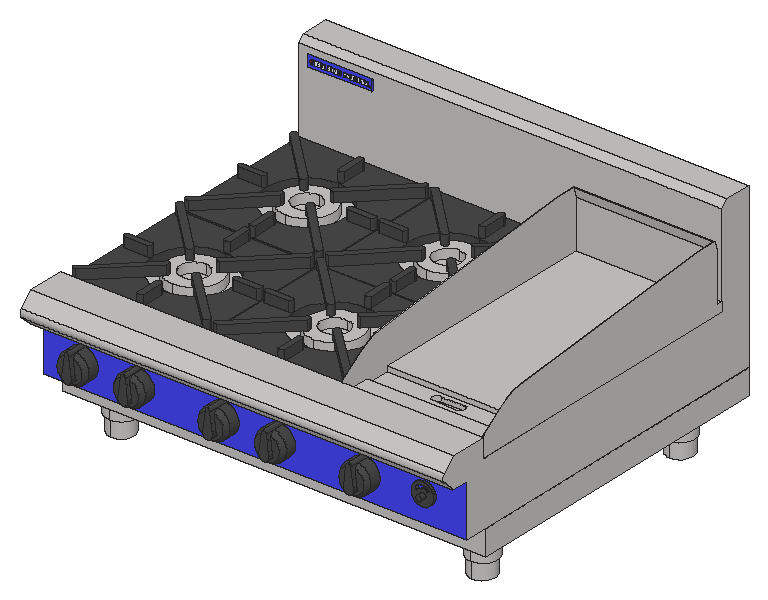
Revit family "QF_MOFFAT_BLUESEAL_CE_G516C-B", category Specialty Equipment, Revit 2012 (continued)
Definition of nested family "GAS BURNER 600 & GRIDDLE 300"
  Definition of nested family "GAS BURNER 600"
    Automatic sketch dimensions
      curve 137 to curve 204 = 0 mm  (x2)
      curve 137 to curve 204 = 8.936 mm
      curve 137 to curve 205 = 0 mm
      curve 205 to curve 140 = 18.13 mm
      curve 206 to curve 205 = 8.937 mm
      curve 206 to curve 205 = 9.165 mm
      curve 137 to curve 206 = 0 mm  (x2)
      curve 138 to curve 201 = 11.124 mm
      curve 139 to curve 202 = 0 mm  (x2)
      curve 202 to curve 202 = 1.784 mm
      curve 137 to curve 208 = 0 mm
      curve 203 to curve 204 = 20.253 mm
      curve 208 to curve 204 = 9.136 mm
      curve 208 to curve 204 = 8.967 mm
      curve 139 to curve 207 = 0 mm
      curve 139 to curve 203 = 9.439 mm
      curve 202 to curve 207 = 4.893 mm
      curve 207 to curve 202 = 4.003 mm
      curve 206 to curve 138 = 9.138 mm
      curve 138 to curve 206 = 8.965 mm
      curve 201 to curve 202 = 2.762 mm
      curve 202 to curve 201 = 2.96 mm
      curve 206 to curve 201 = 18.412 mm
      curve 203 to curve 136 = 6.958 mm
      curve 200 to curve 203 = 8.655 mm
      curve 201 to curve 140 = 9.447 mm
      curve 179 to curve 209 = 0 mm
      curve 210 to curve 182 = 27.057 mm
      curve 179 to curve 210 = 0 mm  (x2)
      curve 180 to curve 197 = 25.774 mm
      curve 181 to curve 199 = 0 mm
      curve 180 to curve 198 = 16.335 mm
      curve 198 to curve 182 = 8.655 mm
      curve 198 to curve 169 = 6.958 mm
      curve 199 to curve 196 = 8.655 mm
      curve 196 to curve 199 = 9.447 mm
      curve 181 to curve 196 = 9.439 mm
      curve 181 to curve 196 = 8.668 mm
      curve 210 to curve 209 = 8.936 mm
      curve 195 to curve 194 = 9.138 mm
      curve 179 to curve 194 = 8.937 mm
      curve 194 to curve 179 = 9.165 mm
      curve 195 to curve 194 = 8.965 mm
      curve 35 to curve 187 = 0 mm  (x2)
      curve 2 to curve 187 = 13.126 mm
      curve 31 to curve 32 = 0 mm  (x2)
      curve 212 to curve 189 = 9.093 mm
      curve 31 to curve 212 = 0 mm
      curve 190 to curve 31 = 18.152 mm
      curve 31 to curve 213 = 0 mm  (x2)
      curve 29 to curve 214 = 19.967 mm
      curve 31 to curve 214 = 0 mm
      curve 31 to curve 215 = 0 mm  (x2)
      curve 32 to curve 192 = 19.959 mm
      curve 31 to curve 213 = 9.204 mm
      curve 29 to curve 192 = 0 mm
      curve 190 to curve 191 = 9.051 mm
      curve 214 to curve 213 = 8.97 mm
      curve 214 to curve 213 = 9.134 mm
      curve 29 to curve 191 = 9.081 mm
      curve 29 to curve 191 = 9.019 mm
      curve 32 to curve 189 = 10.878 mm
      curve 192 to curve 189 = 9.019 mm
      curve 215 to curve 32 = 8.969 mm
      curve 32 to curve 215 = 9.135 mm
      curve 215 to curve 212 = 9.203 mm
      curve 215 to curve 212 = 8.899 mm
      curve 189 to curve 30 = 9.051 mm  (x2)
      curve 37 to curve 186 = 0 mm  (x2)
      curve 187 to curve 186 = 19.847 mm
      curve 37 to curve 216 = 0 mm
      curve 216 to curve 186 = 8.969 mm
      curve 35 to curve 187 = 9.081 mm
      curve 193 to curve 188 = 9.081 mm
      curve 188 to curve 193 = 9.019 mm
      curve 37 to curve 217 = 0 mm  (x2)
      curve 38 to curve 193 = 10.886 mm
      curve 217 to curve 38 = 8.97 mm
      curve 38 to curve 217 = 9.134 mm
      curve 217 to curve 185 = 9.204 mm
      curve 216 to curve 186 = 9.135 mm
      curve 37 to curve 186 = 9.203 mm
      curve 186 to curve 37 = 8.899 mm
      curve 211 to curve 187 = 9.051 mm
      curve 187 to curve 87 = 8.754 mm
      curve 193 to curve 36 = 9.051 mm
      curve 2 to curve 211 = 8.601 mm
      radius of Extrusion 1 sketch curve = 84.082 mm  (x2)
      radius of Extrusion 4 sketch curve = 84.082 mm  (x2)
  Definition of nested family "GAS GRIDDLE PLATE 300"
    Parameters (values of type "GAS GRIDDLE PLATE 300")
      Width [instance] = 300 mm
      Weight in Pounds = 0
      URL Cutsheet = ""
      Type Mark [instance] = ""
      Status [instance] = ""
      Specification by User [instance] = ""
      Specification by Manufacturer = ""
      Serial Number = ""
      Seismic Rating = ""
      SMACNA No = ""
      Revision Code [instance] = ""
      Omniclass Number and Title = ""
      NAFEM Spec ID Number = ""
      Masterspec = ""
      Item Number [instance] = ""
      Installed By [instance] = ""
      Identify Quantity as Lot [instance] = yes
      Furnished By [instance] = ""
      Foodservice Equipment Identifier [instance] = yes
      Depth [instance] = 620 mm
      CSI MasterFormat = ""
      CSI Master Format = ""
    Reference planes
      plane 1 "BACK": y = 0
      plane 2: z = 0
      plane 3 "LEFT": x = 0
      plane 4 "RIGHT": x = 300
      plane 5 "FRONT": y = -620
      plane 6 "TOP": z = 142.5
      plane 7 "Center Y": x = 150
      plane 8 "Center X": y = -310
      plane 9: y = -530.997
      plane 10: y = -541.497
      plane 11: y = -503.25
      plane 12: y = -557.737
    Forms (mm)
      Extrusion 1, solid, material "QF_Finishes_Stainless Steel"
        sketch origin (0, 70.003, -874.5) x (0, 1, 0) y (0, 0, 1)
          loop
            line (-70, 875) -> (-70, 997.489) -> (-75.228, 1017) -> (-117.24, 1017) -> (-589.533, 971.523)
            arc (-589.533, 971.523) -> (-614.56, 965.803) -> (-637.306, 953.899) r 100
            line (-637.306, 953.899) -> (-690.003, 917) -> (-690.003, 875) -> (-70, 875)
        from 0 to 1.8
      Extrusion 2, solid, material "QF_Finishes_Stainless Steel"
        sketch origin (600, 70.003, -874.5) x (0, -1, 0) y (0, 0, 1)
          loop
            line (70, 875) -> (690.003, 875) -> (690.003, 917) -> (637.306, 953.899)
            arc (637.306, 953.899) -> (614.56, 965.803) -> (589.533, 971.523) r 100
            line (589.533, 971.523) -> (117.24, 1017) -> (75.228, 1017) -> (70, 997.489) -> (70, 875)
        from 300 to 301.2
      Extrusion 3, solid, material "QF_Finishes_Stainless Steel"
        sketch origin (150, 70.003, -874.5) x (0, 1, 0) y (0, 0, 1)
          loop
            line (-55, 895) -> (-573.253, 895) -> (-573.253, 884.5) -> (-627.74, 884.5) -> (-627.74, 895) -> (-690.003, 895) -> (-690.003, 875) -> (-55, 875) -> (-55, 895)
        from -148.2 to 150
      Extrusion 4, void
        sketch origin (150, -541.497, 10) x (0, -1, 0) y (1, 0, 0)
          loop
            arc (-7.497, 25) -> (-17.497, 35) -> (-27.497, 25) r 10
            line (-27.497, 25) -> (-27.497, -25)
            arc (-27.497, -25) -> (-17.497, -35) -> (-7.497, -25) r 10
            line (-7.497, -25) -> (-7.497, 25)
        from -41.4 to 40.142
      Extrusion 5, solid, material "QF_Finishes_Stainless Steel"
        sketch origin (0, 70.003, -874.5) x (0, 1, 0) y (0, 0, 1)
          loop
            line (-70, 875) -> (-70, 997.489) -> (-75.228, 1017) -> (-76.884, 1017) -> (-71.6, 997.278) -> (-71.6, 875) -> (-70, 875)
        from 0 to 298.8
    Cuts and joins
      Extrusion 4 cuts Extrusion 3
      joined: Extrusion 1, Extrusion 2, Extrusion 3, Extrusion 5
    Lines and regions (mm)
      symbolic lines
        curve 1: line (300, -503.25, 0) -> (0, -503.25, 0)
        curve 2: line (0, -557.737, 0) -> (300, -557.737, 0)
        curve 3: line (0, -1.68, 0) -> (300, -1.68, 0)
        curve 4: line (300, -1.68, 0) -> (300, -620, 0)
        curve 5: line (0, -620, 0) -> (0, -1.68, 0)
        curve 6: line (0, -620, 0) -> (300, -620, 0)
        curve 7: arc (175, -534, 0) -> (185, -524, 0) -> (175, -514, 0) r 10
        curve 8: line (175, -514, 0) -> (125, -514, 0)
        curve 9: arc (125, -514, 0) -> (115, -524, 0) -> (125, -534, 0) r 10
        curve 10: line (125, -534, 0) -> (175, -534, 0)
    Dimensions and locks
      equal spacing: plane 3 "LEFT", plane 7 "Center Y", plane 4 "RIGHT"
      "Width": plane 3 "LEFT" to plane 4 "RIGHT"
      equal spacing: plane 5 "FRONT", plane 8 "Center X", plane 1 "BACK"
      "Depth": plane 5 "FRONT" to plane 1 "BACK"
      locked: Extrusion 2 to Extrusion 2 at 1.2
      equal spacing: Extrusion 4 sketch curve, plane 7 "Center Y", Extrusion 4 sketch curve, locked at 35 each
      aligned and locked: level to plane 2
      aligned and locked: Extrusion 2 to plane 4 "RIGHT"
      aligned and locked: curve 1 to plane 11
      aligned and locked: plane 12 to curve 2
      aligned and locked: Extrusion 5 to cut or joined group of Extrusion 1, Extrusion 2, Extrusion 3, Extrusion 4, Extrusion 5
    Automatic sketch dimensions
      Extrusion 1 sketch curve to plane 5 "FRONT" = 0 mm
      Extrusion 1 sketch curve to plane 6 "TOP" = 0 mm
      plane 12 to Extrusion 1 sketch curve = 9.566 mm
      plane 11 to Extrusion 1 sketch curve = 16.28 mm
      Extrusion 1 sketch curve to level = 2.516 mm
      plane 11 to Extrusion 1 sketch curve = 6.695 mm
      plane 1 "BACK" to Extrusion 1 sketch curve = 47.237 mm
      plane 1 "BACK" to Extrusion 1 sketch curve = 5.225 mm
      Extrusion 1 sketch curve to plane 1 "BACK" = 0.003 mm
      level to Extrusion 1 sketch curve = 0.5 mm
      Extrusion 1 sketch curve to Extrusion 1 sketch curve = 42 mm
      Extrusion 1 sketch curve to plane 6 "TOP" = 63.101 mm
      Extrusion 1 sketch curve to plane 6 "TOP" = 19.511 mm
      Extrusion 2 sketch curve to plane 6 "TOP" = 0 mm
      Extrusion 2 sketch curve to plane 5 "FRONT" = 0 mm
      plane 12 to Extrusion 2 sketch curve = 9.566 mm
      plane 11 to Extrusion 2 sketch curve = 16.28 mm
      Extrusion 2 sketch curve to level = 2.516 mm
      plane 11 to Extrusion 2 sketch curve = 6.695 mm
      plane 1 "BACK" to Extrusion 2 sketch curve = 47.237 mm
      plane 1 "BACK" to Extrusion 2 sketch curve = 5.225 mm
      Extrusion 2 sketch curve to plane 1 "BACK" = 0.003 mm
      level to Extrusion 2 sketch curve = 0.5 mm
      Extrusion 2 sketch curve to Extrusion 2 sketch curve = 42 mm
      Extrusion 2 sketch curve to plane 6 "TOP" = 63.101 mm
      Extrusion 2 sketch curve to plane 6 "TOP" = 19.511 mm
      Extrusion 3 sketch curve to plane 5 "FRONT" = 0 mm
      Extrusion 3 sketch curve to plane 12 = 0 mm
      Extrusion 3 sketch curve to plane 11 = 0 mm
      Extrusion 3 sketch curve to plane 1 "BACK" = 15.003 mm
      level to Extrusion 3 sketch curve = 0.5 mm
      level to Extrusion 3 sketch curve = 10 mm
      Extrusion 3 sketch curve to Extrusion 3 sketch curve = 10.5 mm  (x2)
      plane 11 to Extrusion 4 sketch curve = 10.75 mm
      Extrusion 4 sketch curve to Extrusion 4 sketch curve = 10 mm
      Extrusion 4 sketch curve to plane 7 "Center Y" = 25 mm
      plane 1 "BACK" to Extrusion 5 sketch curve = 5.225 mm
      Extrusion 5 sketch curve to plane 1 "BACK" = 0.003 mm
      Extrusion 5 sketch curve to plane 6 "TOP" = 19.511 mm
      Extrusion 5 sketch curve to Extrusion 5 sketch curve = 1.6 mm
      Extrusion 5 sketch curve to Extrusion 5 sketch curve = 0.211 mm
      Extrusion 5 sketch curve to plane 6 "TOP" = 0 mm
      Extrusion 5 sketch curve to Extrusion 5 sketch curve = 1.656 mm
      level to Extrusion 5 sketch curve = 0.5 mm
      curve 6 to plane 3 "LEFT" = 0 mm
      curve 4 to plane 4 "RIGHT" = 0 mm
      plane 5 "FRONT" to curve 6 = 0 mm
      plane 11 to curve 8 = 10.75 mm
      curve 8 to plane 7 "Center Y" = 25 mm
      plane 7 "Center Y" to curve 7 = 25 mm
      curve 10 to curve 7 = 20 mm
      plane 1 "BACK" to curve 3 = 1.68 mm
